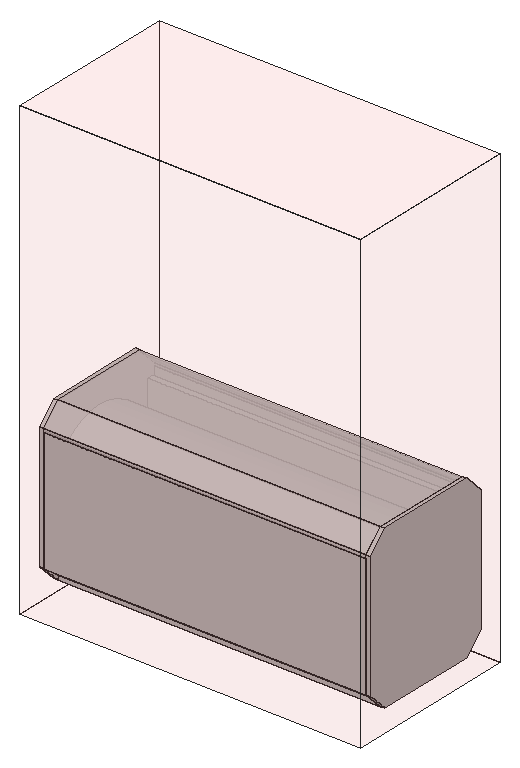
Revit family "Air-Curtain_Insect-Control_PoweredAire_RBT", category Mechanical Equipment, host Face, Revit 2026
Family settings
  Host = Face
  Round Connector Dimension = Use Diameter
  Part Type = Normal
  Classification Number = 23.75.35.17.21
  Cut with Voids When Loaded = No
  Maintain Annotation Orientation = No
  Shared = No
  Room Calculation Point = No
Parameters
  Warranty Duration (Years) = 0
  Unit Width Notes = "Other Widths available."  # constant formula
  Unit Width = 3' - 0"
  Unit Weight = 0
  Unit Height = 1' - 3"
  Unit Depth = 1' - 5 1/2"
  URL = "http://www.poweredaire.com/"
  Test Data = ""
  Standards Conformance = "as Specified"
  Specification = "http://www.arcat.com/sdspecs/htm04/23_34_33pai.htm"
  SpecWizard = ""
  Sound Pressure = "as Specified"
  Sales Information = "http://www.poweredaire.com/contact_us"
  Revision = "R1_2016-08"
  Projection from Host [instance] = 0' - 2"
  Product Properties = ""
  Product Data = "http://www.arcat.com/arcatcos/cos47/arc47623.html"
  Power Rating = 0 W
  Nozzle Width = if(1 = 1, Unit Width - 0' 1", 0' 0")  # 2' - 11"
  Mounting Width = if(1 = 1, Unit Width - 0' 0 15/16", 0' 0")  # 2' - 11 1/16"
  Mounting Height [instance] = 3' - 6"
  Motor RPM = 0
  Motor HP = 0
  Motor Count = 0
  Model = "As Specified"
  Max Height = 0' - 0"
  Manufacturer Website = "http://www.poweredaire.com/"
  Manufacturer Phone - Toll Free = "888-321-2473"
  Manufacturer Phone = "724-588-3305"
  Manufacturer Fax = "724-588-3371"
  Manufacturer Address = "109 Mortensen Rd.  Greenville, PA 16125"
  Manufacturer = "Powered Aire, Inc"
  Maintenance Schedule (Months) = 0
  Keynote = "23 34 33"
  Installation-Fabrication = ""
  Installation Phase = ""
  Include Clearance [instance] = yes
  Heating Element Load = 0 W
  HVAC_Temperature Rise = 0 °F
  HVAC_Outlet Volume = 0 CFM
  HVAC_Outlet Velocity Uniformity = 0
  HVAC_Outlet Velocity = 0 FPM
  Green Building-LEED = "http://www.arcat.com/green/clients/leed_data_47623.html"
  Front Grating Material [instance] = Metal - Steel - PoweredAire - Stainless 304 Perforated
  Frame Finish [instance] = Metal - Steel - PoweredAire - Stainless 304
  Expected Lifespan (Years) = 0
  Electrical_Wattage [instance] = Power Rating + Heating Element Load  # 0 W
  Electrical_Voltage [instance] = 0 V
  Electrical_Phase [instance] = 1
  Electrical_Frequency [instance] = 0 Hz
  Electrical_Amperage [instance] = 0 A
  Drawn By = "Sumex Design, Inc. / Robert S. Weygant, CSI, CDT, SCIP"
  Description = "Powered Aire Air Curtain as Specified"
  Default Elevation = 0' - 0"  # constant formula
  Copyright = "©Arcat Inc."
  Construction Details = "http://www.arcat.com/details/powair/prod3336.html"
  Clearance_Top [instance] = 0' - 2"
  Clearance_Side B [instance] = 0' - 0 1/2"
  Clearance_Side A [instance] = 0' - 0 1/2"
  Clearance_Intake [instance] = 2' - 6"
  Clearance_Bottom [instance] = 0' - 2"
  Clearance Material [instance] = ARCAT Clearance
  Building Codes = ""
  Available Options [instance] = "as Specified"
  Assembly Code = "D3090400"
Reference planes (in)
  plane 1 "Center (Elevation)": y = 0.13818
  plane 2: z = 0
  plane 3 "Center (Left/Right)": x = 0
  plane 4: y = 7.63818
  plane 5: y = -7.36182
  plane 6: x = -18
  plane 7: x = 18
  plane 8: z = 19.5
  plane 9 "FF": y = -41.86182
  plane 10: z = 2
  plane 11: x = 17.5
  plane 12: x = -17.5
  plane 13: y = 9.63818
  plane 14: y = -9.36182
  plane 15: x = -18.5
  plane 16: x = 18.5
  plane 17: z = 49.5
Forms (in)
  Extrusion 1, solid, material "Metal - Steel - PoweredAire - Stainless 304" <- "Frame Finish"
    sketch origin (0, 0, 0) x (0, 1, 0) y (0, 0, 1)
      loop
        line (5.69363, 2) -> (7.63818, 3.94454) -> (7.63818, 17.55546) -> (5.69363, 19.5) -> (-5.41728, 19.5) -> (-7.36182, 17.55546) -> (-7.36182, 3.94454) -> (-5.41728, 2) -> (5.69363, 2)
    from 17.5 to 18
  Extrusion 2, solid, material "Metal - Steel - PoweredAire - Stainless 304" <- "Frame Finish"
    sketch origin (0, 0, -0.5) x (0, 1, 0) y (0, 0, 1)
      loop
        circle (0.13818, 10.9739) r 6.25
      loop
        line (6.63818, 16.89427) -> (6.63818, 5.87829) -> (7.33849, 5.87829) -> (7.33849, 16.89427) -> (6.63818, 16.89427)
      loop
        line (-7.02798, 16.76927) -> (-7.02798, 5.75329) -> (-6.36182, 5.75329) -> (-6.36182, 16.76927) -> (-7.02798, 16.76927)
    from -17.5 to 17.5
  Extrusion 3, solid, material "Metal - Steel - PoweredAire - Stainless 304" <- "Frame Finish"
    sketch origin (0, 0, 0) x (0, 1, 0) y (0, 0, -1)
      loop
        line (5.69363, -2) -> (-5.41728, -2) -> (-7.36182, -3.94454) -> (-7.36182, -17.55546) -> (-5.41728, -19.5) -> (5.69363, -19.5) -> (7.63818, -17.55546) -> (7.63818, -3.94454) -> (5.69363, -2)
    from 17.5 to 18
  Extrusion 4, solid, material "Metal - Steel - PoweredAire - Stainless 304" <- "Frame Finish"
    sketch origin (0, 0, 0) x (0, 1, 0) y (0, 0, 1)
      loop
        line (-5.41728, 2) -> (5.69363, 2) -> (7.63818, 3.94454) -> (7.63818, 17.19454) -> (7.51318, 17.19454) -> (7.51318, 3.99632) -> (5.64186, 2.125) -> (-5.29228, 2.125) -> (-5.29228, 4.06954) -> (-7.23682, 4.06954) -> (-7.23682, 17.19454) -> (-7.36182, 17.19454) -> (-7.36182, 3.94454) -> (-5.41728, 3.94454) -> (-5.41728, 2)
      loop
        line (-6.64819, 3.61034) -> (-5.8702, 2.83235) -> (-5.74472, 2.95783) -> (-6.52271, 3.73583) -> (-6.64819, 3.61034)
    from -17.5 to 17.5
  Extrusion 5, solid, material "Metal - Steel - PoweredAire - Stainless 304 Perforated" <- "Front Grating Material"
    sketch origin (0, 0, 0) x (0, 1, 0) y (0, 0, 1)
      loop
        line (-7.36182, 17.19454) -> (-7.23682, 17.19454) -> (-7.23682, 17.50368) -> (-5.3655, 19.375) -> (5.64186, 19.375) -> (7.51318, 17.50368) -> (7.51318, 17.19454) -> (7.63818, 17.19454) -> (7.63818, 17.55546) -> (5.69363, 19.5) -> (-5.41728, 19.5) -> (-7.36182, 17.55546) -> (-7.36182, 17.19454)
    from -17.5 to 17.5
  Extrusion 6, solid, material "ARCAT Clearance" <- "Clearance Material", visible <- "Include Clearance"
    sketch origin (0, 0, 0) x (0, 1, 0) y (0, 0, 1)
      loop
        line (-9.36182, 49.5) -> (-9.36182, 0) -> (9.63818, 0) -> (9.63818, 49.5) -> (-9.36182, 49.5)
    from -18.5 to 18.5
Dimensions and locks (in)
  equal spacing: plane 4, plane 1 "Center (Elevation)", plane 5
  "Unit Height": plane 4 to plane 5
  equal spacing: plane 6, plane 3 "Center (Left/Right)", plane 7
  "Unit Width": plane 6 to plane 7
  "Mounting Height": plane 1 "Center (Elevation)" to plane 9 "FF"
  "Projection from Host": plane 10 to level
  "Unit Depth": plane 8 to plane 10
  locked: plane 6 to plane 12 at 0.5
  locked: plane 11 to plane 7 at 0.5
  "Clearance_Side A": plane 7 to plane 16
  "Clearance_Side B": plane 15 to plane 6
  "Clearance_Top": plane 13 to plane 4
  "Clearance_Bottom": plane 5 to plane 14
  "Clearance_Intake": plane 17 to plane 8
  aligned and locked: plane 2 to host face
  aligned and locked: level to host face
  aligned and locked: plane 7 to Extrusion 1
  aligned and locked: Extrusion 1 to plane 11
  aligned and locked: plane 12 to Extrusion 3
  aligned and locked: Extrusion 3 to plane 6
  aligned and locked: Extrusion 2 to plane 12
  aligned and locked: plane 11 to Extrusion 2
  aligned and locked: plane 11 to Extrusion 4
  aligned and locked: Extrusion 4 to plane 12
  aligned and locked: plane 11 to Extrusion 5
  aligned and locked: Extrusion 5 to plane 12
  aligned and locked: Extrusion 6 sketch curve to plane 17
  aligned and locked: plane 14 to Extrusion 6 sketch curve
  aligned and locked: level to Extrusion 6 sketch curve
  aligned and locked: Extrusion 6 sketch curve to plane 13
  aligned and locked: plane 16 to Extrusion 6
  aligned and locked: Extrusion 6 to plane 15
Automatic sketch dimensions
  host sketch curve to host sketch curve = 8' - 0"  (x2)
  Extrusion 1 sketch curve to plane 5 = 0' - 0"
  Extrusion 1 sketch curve to plane 8 = 0' - 0"
  Extrusion 1 sketch curve to plane 10 = 0' - 0"
  Extrusion 1 sketch curve to plane 4 = 0' - 0"
  plane 5 to Extrusion 1 sketch curve = 0' - 1.94454"  (x2)
  Extrusion 1 sketch curve to plane 4 = 0' - 1.94454"  (x2)
  plane 10 to Extrusion 1 sketch curve = 0' - 1.94454"  (x2)
  Extrusion 1 sketch curve to plane 8 = 0' - 1.94454"  (x2)
  Extrusion 2 sketch curve to plane 1 "Center (Elevation)" = 0' - 0"
  plane 5 to Extrusion 2 sketch curve = 0' - 1"
  plane 5 to Extrusion 2 sketch curve = 0' - 0.33384"
  Extrusion 2 sketch curve to plane 4 = 0' - 1"
  Extrusion 2 sketch curve to plane 4 = 0' - 0.29969"
  plane 10 to Extrusion 2 sketch curve = 0' - 3.37829"
  plane 10 to Extrusion 2 sketch curve = 0' - 3.25329"
  Extrusion 2 sketch curve to plane 8 = 0' - 9.0261"
  Extrusion 2 sketch curve to plane 8 = 0' - 3.23073"
  Extrusion 2 sketch curve to plane 8 = 0' - 3.10573"
  Extrusion 3 sketch curve to plane 5 = 0' - 0"
  Extrusion 3 sketch curve to plane 8 = 0' - 0"
  Extrusion 3 sketch curve to plane 10 = 0' - 0"
  Extrusion 3 sketch curve to plane 4 = 0' - 0"
  plane 5 to Extrusion 3 sketch curve = 0' - 1.94454"  (x2)
  Extrusion 3 sketch curve to plane 4 = 0' - 1.94454"  (x2)
  Extrusion 3 sketch curve to plane 8 = 0' - 1.94454"  (x2)
  plane 10 to Extrusion 3 sketch curve = 0' - 1.94454"  (x2)
  Extrusion 4 sketch curve to plane 5 = 0' - 0"
  Extrusion 4 sketch curve to plane 10 = 0' - 0"
  Extrusion 4 sketch curve to plane 4 = 0' - 0"
  plane 5 to Extrusion 4 sketch curve = 0' - 0 1/8"
  plane 5 to Extrusion 4 sketch curve = 0' - 0.71363"
  Extrusion 4 sketch curve to Extrusion 4 sketch curve = 0' - 0.12548"  (x2)
  Extrusion 4 sketch curve to Extrusion 4 sketch curve = 0' - 0.778"
  Extrusion 4 sketch curve to Extrusion 4 sketch curve = 0' - 0.32744"
  Extrusion 4 sketch curve to Extrusion 4 sketch curve = 0' - 0 1/8"  (x2)
  plane 10 to Extrusion 4 sketch curve = 0' - 0 1/8"
  Extrusion 4 sketch curve to plane 4 = 0' - 1.99632"
  Extrusion 4 sketch curve to Extrusion 4 sketch curve = 0' - 0.05178"  (x2)
  plane 10 to Extrusion 4 sketch curve = 0' - 0.83235"
  plane 10 to Extrusion 4 sketch curve = 0' - 1.94454"
  Extrusion 4 sketch curve to Extrusion 4 sketch curve = 0' - 0.3342"
  Extrusion 4 sketch curve to plane 4 = 0' - 0 1/8"
  Extrusion 4 sketch curve to plane 8 = 0' - 2.30546"  (x2)
  Extrusion 5 sketch curve to plane 5 = 0' - 0"
  Extrusion 5 sketch curve to plane 8 = 0' - 0"
  Extrusion 5 sketch curve to plane 4 = 0' - 0"
  plane 5 to Extrusion 5 sketch curve = 0' - 0 1/8"
  plane 5 to Extrusion 5 sketch curve = 0' - 1.94454"
  Extrusion 5 sketch curve to plane 8 = 0' - 0 1/8"
  Extrusion 5 sketch curve to Extrusion 5 sketch curve = 0' - 0.05178"  (x4)
  Extrusion 5 sketch curve to plane 4 = 0' - 1.99632"
  Extrusion 5 sketch curve to plane 8 = 0' - 1.94454"  (x2)
  Extrusion 5 sketch curve to Extrusion 5 sketch curve = 0' - 0 1/8"
  Extrusion 5 sketch curve to Extrusion 5 sketch curve = 0' - 0.30914"  (x2)
  radius of Extrusion 2 sketch curve = 0' - 6 1/4"
Connectors (in)
  electrical at (0, 7.63818, 10.56954), driven by "Electrical_Phase", driven by "Electrical_Voltage"
    settings: on Extrusion 4, index 1, voltage 0 V, apparent load 0 VA, apparent load phase1 0 VA, apparent load phase2 0 VA, apparent load phase3 0 VA, power factor 1, load classification "Motor", number of poles 1, system type 31, power factor state 1, is connector primary yes, connector utility no, sub classification motor no, connector description ""
